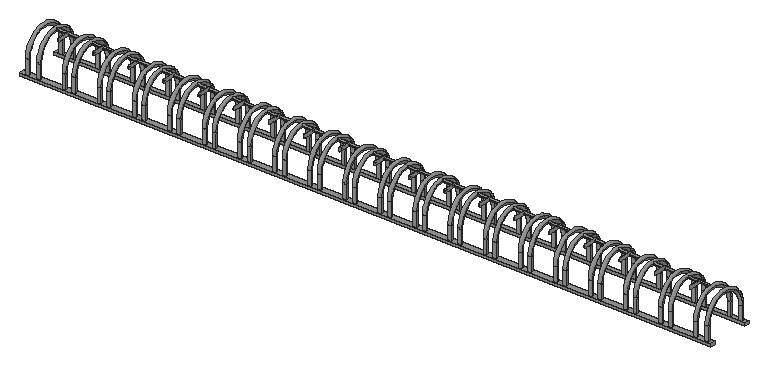
Revit family "13778 Парковка для самокатов VELO-19 Хоббика", category Антураж, Revit 2018
Family settings
  На основе рабочей плоскости = Нет
  Всегда вертикально = Да
  При загрузке вырезать с полостями = Нет
  Источник визуального образа = Геометрия семейства
  Общий = Нет
  Точка расчета площади = Нет
Parameters (values of type "Версия на 19 мест")
  Ширина = 400 mm  # constant formula
  Цвет каркаса = Нержавеющая сталь
  Описание = if(Версия на 9 мест, "Парковка для самокатов VELO-19. Версия «Профильная сталь 9 мест»", if(Версия на 19 мест, "Парковка для самокатов VELO-19. Версия «Профильная сталь 19 мест»", "Парковка для самокатов VELO-19. Версия «Матовая нержавейка 9 мест»"))  # "Парковка для самокатов VELO-19. Версия «Профильная сталь 19 мест»"
  Материал изделия = if(or(Версия на 9 мест, Версия на 19 мест), "Сталь", "Нержавеющая сталь")  # "Сталь"
  Кол-во мест = if(or(Версия на 9 мест, Версия на 9 мест нержавеющая сталь), 9, 19)  # 19
  Изображение типоразмера = Парковка для самокатов VELO-19 Арт 13778.jpg
  Изготовитель = "ООО «Хоббика»"  # constant formula
  Длина = if(or(Версия на 9 мест, Версия на 9 мест нержавеющая сталь), 2860 mm, 6110 mm)  # 6110 mm
  Группа модели = "Велопарковки"  # constant formula
  Высота = 350 mm  # constant formula
  Версия на 9 мест нержавеющая сталь = no
  Версия на 9 мест = no
  Версия на 19 мест = not(or(Версия на 9 мест, Версия на 9 мест нержавеющая сталь))  # yes
  Артикул товара = "Арт. 13778"  # constant formula
  URL = "https://hobbyka.ru/product/parkovka_dlya_samokatov_19i_mestnaya_velo19/"
Types (4, lengths in mm): name | Цвет каркаса | Описание | Материал изделия | Кол-во мест | Длина | Версия на 9 мест нержавеющая сталь | Версия на 9 мест | Версия на 19 мест
  (no name) | Нержавеющая сталь | "Парковка для самокатов VELO-19. Версия «Профильная сталь 19 мест»" | "Сталь" | 19 | 6110 | no | no | yes
  Версия на 19 мест | Нержавеющая сталь | "Парковка для самокатов VELO-19. Версия «Профильная сталь 19 мест»" | "Сталь" | 19 | 6110 | no | no | yes
  Версия на 9 мест | Сталь | "Парковка для самокатов VELO-19. Версия «Профильная сталь 9 мест»" | "Сталь" | 9 | 2860 | no | yes | no
  Версия на 9 мест нержавеющая сталь | Сталь | "Парковка для самокатов VELO-19. Версия «Матовая нержавейка 9 мест»" | "Нержавеющая сталь" | 9 | 2860 | yes | no | no
Reference planes
  plane 1 "По центру (Вперед/Назад)": y = 0
  plane 2: z = 0
  plane 3 "По центру (Влево/Вправо)": x = 0
  plane 4: x = 6110
  plane 5: y = 400
  plane 6: x = 50
  plane 7: x = 6060
  plane 8: x = 150
  plane 9: x = 5960
  plane 10: z = 350
Forms (mm)
  Extrusion 1, solid, material "Нержавеющая сталь" <- "Цвет каркаса"
    sketch origin (0, 0, 0) x (0, 1, 0) y (0, 0, 1)
      loop
        line (405, 0) -> (405, 25) -> (365, 25) -> (365, 0) -> (405, 0)
      loop
        line (-5, 0) -> (35, 0) -> (35, 25) -> (-5, 25) -> (-5, 0)
    from 0 to 6110
Dimensions and locks
  "Ширина": plane 1 "По центру (Вперед/Назад)" to plane 5
  "Длина": plane 3 "По центру (Влево/Вправо)" to plane 4
  plane 3 "По центру (Влево/Вправо)" to plane 6 to plane 8 = 50 mm locked, 100 mm locked
  plane 9 to plane 7 to plane 4 = 100 mm locked, 50 mm locked
  equal spacing: group 1, group 3, group 4, group 5, group 6, group 7, group 8, group 9, group 10, group 11, group 12, group 13, group 14, group 15, group 16, group 17, group 18, group 19, group 2  (x3)
  "Высота": plane 10 to level
  aligned and locked: level to plane 2
  aligned and locked: plane 1 "По центру (Вперед/Назад)" to nested 1
  aligned and locked: Extrusion 1 to plane 3 "По центру (Влево/Вправо)"
  aligned and locked: plane 4 to Extrusion 1
  aligned and locked: plane 6 to nested 2
  aligned and locked: plane 1 "По центру (Вперед/Назад)" to nested 3
  aligned and locked: plane 7 to nested 3
  aligned and locked: nested 1 to plane 8
  aligned and locked: nested 4 to plane 9
Automatic sketch dimensions
  plane 1 "По центру (Вперед/Назад)" to Extrusion 1 sketch curve = 5 mm
  Extrusion 1 sketch curve to level = 0 mm  (x2)
  plane 5 to Extrusion 1 sketch curve = 5 mm
  Extrusion 1 sketch curve to plane 1 "По центру (Вперед/Назад)" = 35 mm
  Extrusion 1 sketch curve to plane 5 = 35 mm
  level to Extrusion 1 sketch curve = 25 mm  (x2)
Nested families
  nested 1: "Парковка для самокатов VELO-19 средняя вставка" at (262.5, 0, 0), type "Парковка для самокатов VELO-19 средняя вставка"
  nested 2: "Парковка для самокатов VELO-19 крайняя опора" at (50, 0, 0), type "Парковка для самокатов VELO-19 крайняя опора"
  nested 3: "Парковка для самокатов VELO-19 крайняя опора" at (6060, 0, 0), type "Парковка для самокатов VELO-19 крайняя опора"
  nested 4: "Парковка для самокатов VELO-19 средняя вставка" at (5847.5, 0, 0), type "Парковка для самокатов VELO-19 средняя вставка"
  nested 5: "Парковка для самокатов VELO-19 средняя вставка" at (572.778, 0, 0), type "Парковка для самокатов VELO-19 средняя вставка"
  nested 6: "Парковка для самокатов VELO-19 средняя вставка" at (883.056, 0, 0), type "Парковка для самокатов VELO-19 средняя вставка"
  nested 7: "Парковка для самокатов VELO-19 средняя вставка" at (1193.333, 0, 0), type "Парковка для самокатов VELO-19 средняя вставка"
  nested 8: "Парковка для самокатов VELO-19 средняя вставка" at (1503.611, 0, 0), type "Парковка для самокатов VELO-19 средняя вставка"
  nested 9: "Парковка для самокатов VELO-19 средняя вставка" at (1813.889, 0, 0), type "Парковка для самокатов VELO-19 средняя вставка"
  nested 10: "Парковка для самокатов VELO-19 средняя вставка" at (2124.167, 0, 0), type "Парковка для самокатов VELO-19 средняя вставка"
  nested 11: "Парковка для самокатов VELO-19 средняя вставка" at (2434.444, 0, 0), type "Парковка для самокатов VELO-19 средняя вставка"
  nested 12: "Парковка для самокатов VELO-19 средняя вставка" at (2744.722, 0, 0), type "Парковка для самокатов VELO-19 средняя вставка"
  nested 13: "Парковка для самокатов VELO-19 средняя вставка" at (3055, 0, 0), type "Парковка для самокатов VELO-19 средняя вставка"
  nested 14: "Парковка для самокатов VELO-19 средняя вставка" at (3365.278, 0, 0), type "Парковка для самокатов VELO-19 средняя вставка"
  nested 15: "Парковка для самокатов VELO-19 средняя вставка" at (3675.556, 0, 0), type "Парковка для самокатов VELO-19 средняя вставка"
  nested 16: "Парковка для самокатов VELO-19 средняя вставка" at (3985.833, 0, 0), type "Парковка для самокатов VELO-19 средняя вставка"
  nested 17: "Парковка для самокатов VELO-19 средняя вставка" at (4296.111, 0, 0), type "Парковка для самокатов VELO-19 средняя вставка"
  nested 18: "Парковка для самокатов VELO-19 средняя вставка" at (4606.389, 0, 0), type "Парковка для самокатов VELO-19 средняя вставка"
  nested 19: "Парковка для самокатов VELO-19 средняя вставка" at (4916.667, 0, 0), type "Парковка для самокатов VELO-19 средняя вставка"
  nested 20: "Парковка для самокатов VELO-19 средняя вставка" at (5226.944, 0, 0), type "Парковка для самокатов VELO-19 средняя вставка"
  nested 21: "Парковка для самокатов VELO-19 средняя вставка" at (5537.222, 0, 0), type "Парковка для самокатов VELO-19 средняя вставка"
Definition of nested family "Парковка для самокатов VELO-19 средняя вставка"
  Parameters (values of type "Парковка для самокатов VELO-19 средняя вставка")
    Цвет каркаса = none
    Height = 0 mm
  Reference planes
    plane 1 "По центру (Вперед/Назад)": y = 0
    plane 2: z = 0
    plane 3 "По центру (Влево/Вправо)": x = 0
    plane 4: y = 400
    plane 5: z = 350
    plane 6: x = -112.5
    plane 7: x = 112.5
  Forms (mm)
    Sweep 1, solid, material <- "Цвет каркаса"
      path origin (0, 0, 0) x (0, 1, 0) y (0, 0, 1)
        loop
          line (400, 15) -> (400, 150)
          arc (400, 150) -> (200, 350) -> (0, 150) r 200
          line (0, 150) -> (0, 15)
      profile origin (0, 200, 350) x (0, 0, -1) y (1, 0, 0)
        loop
          circle (15, -112.5) r 15
        loop
          circle (15, 112.5) r 15
    Extrusion 2, solid, material <- "Цвет каркаса"
      sketch origin (0, 0, 0) x (0, 1, 0) y (0, 0, 1)
        loop
          circle (200, 335) r 10
      from -112.5 to 112.5
    Extrusion 3, solid, material <- "Цвет каркаса"
      sketch origin (0, 0, 0) x (0, 1, 0) y (0, 0, 1)
        loop
          circle (200, 335) r 10
        loop
          line (200, 350) -> (100, 350)
          arc (100, 350) -> (85, 335) -> (100, 320) r 15
          line (100, 320) -> (200, 320)
          arc (200, 320) -> (210.607, 324.393) -> (215, 335) r 15
          arc (215, 335) -> (210.607, 345.607) -> (200, 350) r 15
        loop
          circle (100, 335) r 10
      from -2.5 to 2.5
  Cuts and joins
    joined: Sweep 1, Extrusion 2
  Dimensions and locks
    aligned and locked: level to plane 2
Definition of nested family "Парковка для самокатов VELO-19 крайняя опора"
  Parameters (values of type "Парковка для самокатов VELO-19 крайняя опора")
    Цвет каркаса = none
    Height = 0 mm
  Reference planes
    plane 1 "По центру (Вперед/Назад)": y = 0
    plane 2: z = 0
    plane 3 "По центру (Влево/Вправо)": x = 0
    plane 4: y = 400
    plane 5: z = 350
  Forms (mm)
    Sweep 1, solid, material <- "Цвет каркаса"
      path origin (0, 0, 0) x (0, 1, 0) y (0, 0, 1)
        loop
          line (400, 15) -> (400, 150)
          arc (400, 150) -> (200, 350) -> (0, 150) r 200
          line (0, 150) -> (0, 15)
      profile origin (0, 200, 350) x (0, 0, -1) y (1, 0, 0)
        loop
          circle (15, 0) r 15
  Dimensions and locks
    aligned and locked: level to plane 2
